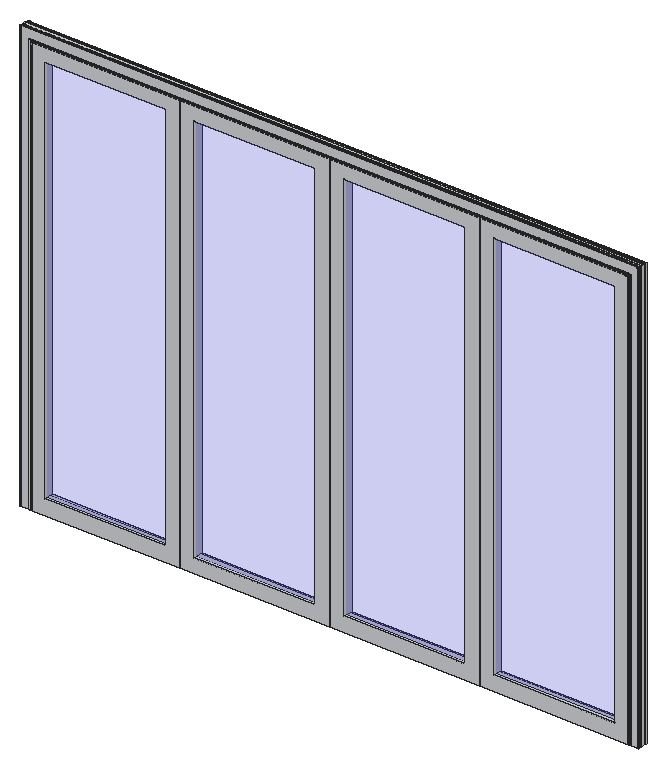
Revit family "Folding-Doors_Series-9200_4-Panel_All-Weather", category Doors, host Wall, Revit 2026
Family settings
  Host = Wall
  Classification Number = 23.30.10.14.11
  Always vertical = Yes
  Cut with Voids When Loaded = No
  Shared = No
  Room Calculation Point = No
Parameters (values of type "081316_4461-118")
  Wind Load = ""
  Water Penetration = ""
  Stop Depth = 0' - 0 5/8"
  Sound Transmission Class (STC) = 0
  Panel Type [instance] = Door-Panel_Galaxy-Metal-Doors_Flush : Door-Panel_Galaxy-Metal-Doors_Flush
  Panel Height = Height  # 9' - 10"
  Hardware Finish = Metal - Steel
  Handle Type [instance] = Handle_Generic Lever : Handle_Generic Lever
  Handle Height [instance] = 3' - 0"
  Function = Interior
  Frame Width = 0' - 2 3/4"
  Frame Thickness = 0' - 6 1/8"
  Frame Finish = Metal - Stainless Steel
  Door Glazing = Glass - Clear
  Define Thermal Properties by = Schematic Type
  Building Code Conformance = ""
  Analytic Construction = "<None>"
  Air Infiltration = ""
  ASTM Conformance = ""
  Panel Width [instance] = Width / 4  # 3' - 6"
  Panel Material = Metal - Stainless Steel
  Warranty Duration (Years) = 0
  URL = ""
  Thickness = 0' - 2 5/8"
  Specification = ""
  Rough Width = 14' - 0"
  Rough Height = 9' - 10"
  R_Value = 0
  Product Properties = ""
  Maintenance Schedule (Months) = 0
  Installation Phase = ""
  Model = ""
  Manufacturer = ""
  Keynote = ""
  Height = 9' - 10"
  Wall Closure = By host
  Width = 14' - 0"
  Fire Rating = ""
  Expected Lifespan (Years) = 0
  Drawn By = ""
  Description = ""
  Copyright = ""
  Building Codes = ""
  Assembly Code = ""
  ADA Compliant = yes
  AAMA Designation = ""
Types (3): name | Panel Height | Rough Height | Height
  081316_4461-116 | 9' - 8" | 9' - 8" | 9' - 8"
  081316_4461-117 | 9' - 9" | 9' - 9" | 9' - 9"
  081316_4461-118 | 9' - 10" | 9' - 10" | 9' - 10"
Reference planes (in)
  plane 1 "Center (Front/Back)": y = -33.9622458
  plane 2 "Center (Left/Right)": x = 62.2870353
  plane 3: z = 0
  plane 4 "Right": x = 149.0370353
  plane 5 "Left": x = -24.4629647
  plane 6 "Closure": y = -35.9622458
  plane 7: z = 0
  plane 8 "Top of Frame": z = 120.75
  plane 9 "RO Top": z = 120.75
  plane 10 "RO Right": x = 149.0370353
  plane 11 "RO Left": x = -24.4629647
  plane 12 "Frame Ext": y = -30.8997458
  plane 13 "Frame Int": y = -37.0247458
  plane 14: x = 146.2870353
  plane 15: z = 118
  plane 16: x = -21.7129647
  plane 17: y = -32.6497458
  plane 18: z = 36
  plane 19: y = -35.2747458
  plane 20: x = 104.2870353
  plane 21: x = 20.2870353
  plane 22: x = 62.2870353
Forms (in)
  Sweep 1, solid
    path origin (0, -33.9622458, 0) x (1, 0, 0) y (0, 0, 1)
      loop
        line (149.0370353, 0) -> (149.0370353, 120.75) -> (-24.4629647, 120.75) -> (-24.4629647, 0)
    profile "Door Frame : Door Frame" origin (149.0370353, -33.9622458, 60.375) x (-1, 0, 0) y (0, -1, 0)
      loop
        line (0.2391641, -0.4307106) -> (0.2391641, -1.3256625) -> (2.2433591, -1.3256625) -> (2.2433591, -0.4307106) -> (0.2391641, -0.4307106)
      loop
        line (0.366813, 0.3819435) -> (0.366813, -0.3704412) -> (2.1157101, -0.3704412) -> (2.1157101, 0.3819435) -> (0.366813, 0.3819435)
      loop
        line (0.2391641, 1.3371648) -> (0.2391641, 0.4422129) -> (2.2433591, 0.4422129) -> (2.2433591, 1.3371648) -> (0.2391641, 1.3371648)
      loop
        arc (2.5098198, -1.3878452) -> (2.6947692, -1.2061529) -> (2.8411272, -0.9921489) r 1.3354931
        line (2.8411272, -0.9921489) -> (2.8411272, -0.6293698) -> (2.7215451, -0.6293698) -> (2.7215451, 0.6393364) -> (2.7932942, 0.6393364)
        arc (2.7932942, 0.6393364) -> (2.8271171, 0.6533463) -> (2.8411272, 0.6871692) r 0.0478328
        line (2.8411272, 0.6871692) -> (2.8411272, 1.0561446) -> (2.9480021, 1.2087779)
        arc (2.9480021, 1.2087779) -> (2.9906082, 1.1620347) -> (3.0515119, 1.1790916) r 0.0602693
        line (3.0515119, 1.1790916) -> (3.1506228, 1.3206366)
        arc (3.1506228, 1.3206366) -> (3.1402686, 1.4384621) -> (3.0232401, 1.4213047) r 0.0813158
        line (3.0232401, 1.4213047) -> (2.8391835, 1.1584453)
        arc (2.8391835, 1.1584453) -> (2.7907088, 1.1327517) -> (2.7414924, 1.1569944) r 0.0602693
        arc (2.7414924, 1.1569944) -> (2.6323713, 1.2855617) -> (2.5079133, 1.3993475) r 1.3350353
        line (2.5079133, 1.3993475) -> (0, 1.3993475) -> (0, 1.2484585) -> (0.0640959, 1.1946755) -> (0.0640959, 1.3371648) -> (0.1788947, 1.3371648) -> (0.1788947, 0.3661586) -> (0.0640959, 0.3661586) -> (0.0640959, 0.5086479) -> (0, 0.454865) -> (0, -0.4433627) -> (0.0640959, -0.4971456) -> (0.0640959, -0.3546563) -> (0.1788947, -0.3546563) -> (0.1788947, -1.3256625) -> (0.0640959, -1.3256625) -> (0.0640959, -1.1831732) -> (0, -1.2369562) -> (0, -1.3878452) -> (2.5098198, -1.3878452)
Lines and regions (in)
  Opening 1
    outline origin (-109.3348504, -35.9622458, 0) x (1, 0, 0) y (0, 0, 1)
      loop
        line (84.8718858, 0) -> (258.3718858, 0) -> (258.3718858, 120.75) -> (84.8718858, 120.75) -> (84.8718858, 0)
Text (in)
  text "Exterior" at (10.575942, -7.1455413, 0), in view "A101 - Plan View"
  text "Interior" at (10.575942, -59.6002418, 0), in view "A101 - Plan View"
  text "Exterior" at (0, -17.9863844, 123.0158834), in view "Right"
  text "Interior" at (0, -64.3913889, 123.0158834), in view "Right"
  text "Interior" at (0, -52.0946821, 121.1409456), in view "Left"
  text "Exterior" at (0, 26.3532509, 123.0069277), in view "Left"
Dimensions and locks (in)
  equal spacing: plane 4 "Right", plane 2 "Center (Left/Right)", plane 5 "Left"
  locked: plane 5 "Left" to plane 11 "RO Left"
  locked: plane 10 "RO Right" to plane 4 "Right"
  locked: plane 9 "RO Top" to plane 8 "Top of Frame"
  "Frame Thickness": plane 12 "Frame Ext" to plane 13 "Frame Int"
  equal spacing: plane 12 "Frame Ext", plane 1 "Center (Front/Back)", plane 13 "Frame Int"
  "Frame Width": plane 5 "Left" to plane 16
  "Frame Width": plane 14 to plane 4 "Right"
  "Frame Width": plane 15 to plane 8 "Top of Frame"
  "Width": plane 16 to plane 14
  "Height": level to plane 15
  "Handle Height": level to plane 18
  equal spacing: plane 17, plane 1 "Center (Front/Back)", plane 19
  "Thickness": plane 17 to plane 19
  equal spacing: plane 16, plane 21, plane 22, plane 20, plane 14
  aligned and locked: host wall to plane 1 "Center (Front/Back)"
  aligned and locked: host wall to plane 6 "Closure"
  aligned and locked: nested 1 to plane 16
  aligned and locked: Sweep 1 sketch curve to plane 11 "RO Left"
  aligned and locked: nested 1 to plane 19
  aligned and locked: nested 3 to plane 14
  aligned and locked: nested 2 to plane 21
  aligned and locked: plane 2 "Center (Left/Right)" to nested 4
Automatic sketch dimensions
  Opening 1 sketch curve to plane 9 "RO Top" = 0' - 0"
  Opening 1 sketch curve to plane 11 "RO Left" = 0' - 0"
  Opening 1 sketch curve to plane 10 "RO Right" = 0' - 0"
  Opening 1 sketch curve to level = 0' - 0"
  Sweep 1 sketch curve to level = 0' - 0"  (x2)
  Sweep 1 sketch curve to plane 8 "Top of Frame" = 0' - 0"
  plane 4 "Right" to Sweep 1 sketch curve = 0' - 0"
Nested families (in)
  nested 1: "Door-Panel_Galaxy-Metal-Doors_B" at (-0.7129647, -33.9622458, 0) x (-1, 0, 0) z (0, 0, 1), Panel Material <- "Panel Material", Width <- "Panel Width", Thickness <- "Thickness", Height <- "Panel Height", Door Glazing <- "Door Glazing", type "Door-Panel_Galaxy-Metal-Doors_B"
    with offset 0' - 0", Width 3' - 6", Thickness 0' - 2 5/8", Panel Material Metal - Stainless Steel, Height 9' - 10", Door Glazing Glass - Clear
  nested 2: "Door-Panel_Galaxy-Metal-Doors_B" at (41.2870353, -33.9622458, 0) x (-1, 0, 0) z (0, 0, 1), Panel Material <- "Panel Material", Width <- "Panel Width", Thickness <- "Thickness", Height <- "Panel Height", Door Glazing <- "Door Glazing", type "Door-Panel_Galaxy-Metal-Doors_B"
    with offset 0' - 0", Width 3' - 6", Thickness 0' - 2 5/8", Panel Material Metal - Stainless Steel, Height 9' - 10", Door Glazing Glass - Clear
  nested 3: "Door-Panel_Galaxy-Metal-Doors_B" at (125.2870353, -33.9622458, 0) x (-1, 0, 0) z (0, 0, 1), Panel Material <- "Panel Material", Width <- "Panel Width", Thickness <- "Thickness", Height <- "Panel Height", Door Glazing <- "Door Glazing", type "Door-Panel_Galaxy-Metal-Doors_B"
    with offset 0' - 0", Width 3' - 6", Thickness 0' - 2 5/8", Panel Material Metal - Stainless Steel, Height 9' - 10", Door Glazing Glass - Clear
  nested 4: "Door-Panel_Galaxy-Metal-Doors_B" at (83.2870353, -33.9622458, 0) x (-1, 0, 0) z (0, 0, 1), Panel Material <- "Panel Material", Width <- "Panel Width", Thickness <- "Thickness", Height <- "Panel Height", Door Glazing <- "Door Glazing", type "Door-Panel_Galaxy-Metal-Doors_B"
    with offset 0' - 0", Width 3' - 6", Thickness 0' - 2 5/8", Panel Material Metal - Stainless Steel, Height 9' - 10", Door Glazing Glass - Clear
Definition of nested family "Door-Panel_Galaxy-Metal-Doors_B"
  Parameters (values of type "Door-Panel_Galaxy-Metal-Doors_B")
    offset [instance] = 0' - 0"
    Width [instance] = 3' - 0"
    Warranty Duration (Years) = 0
    URL = "galaxymetalproducts.com"
    Thickness [instance] = 0' - 2 5/8"
    Specification = "http://www.arcat.com/sd/clients/galaxyme.html?coid=48404"
    SpecWizard = ""
    Send Message = "http://www.arcat.com/arcatcos/cos48/arc48404.html"
    Sales Information = "http://www.republicdoor.com/contacts.htm"
    Revision = "R1_04-2017"
    Product Properties = ""
    Product Data = "http://www.arcat.com/arcatcos/cos35/arc35153.html?isac=1&r=1"
    Panel Material [instance] = none
    Model = "As Specified"
    Manufacturer Website = "http://galaxymetalproducts.com/"
    Manufacturer Phone - Toll Free = "800-294-8199"
    Manufacturer Phone = "800-294-8199"
    Manufacturer Fax = ""
    Manufacturer Address = "2960 Woodbridge Ave. Edison, NJ 08837"
    Manufacturer = "Galaxy Metal Products, LLC"
    Maintenance Schedule (Months) = 0
    Keynote = ""
    Installation-Fabrication = ""
    Installation Phase = ""
    Height [instance] = 8' - 0"
    Green Building-LEED = "http://www.arcat.com/green/clients/leed_data_48404.html"
    Function = (empty or 0)
    Expected Lifespan (Years) = 0
    Drawn By = "Sumex Design, Inc. / Robert S. Weygant, CSI, CDT, SCIP"
    Door Glazing [instance] = none
    Description = ""
    Define Thermal Properties by = 1
    Copyright = "©Arcat Inc."
    Construction Details = "http://www.arcat.com/details/galaxyme/prod3845.html"
    Assembly Code = ""
  Reference planes (in)
    plane 1 "Center (Front/Back)": y = 0
    plane 2 "Bottom": z = 0
    plane 3 "Center (Left/Right)": x = 0
    plane 4 "Front": y = -1.3125
    plane 5 "Back": y = 1.3125
    plane 6 "Left": x = -18
    plane 7 "Right": x = 18
    plane 8 "Top": z = 96
    plane 9: z = 48
    plane 10 "2": x = -13.9749191
    plane 11 "4": x = 13.9749191
    plane 12: z = 0
    plane 13: z = 0
    plane 14 "5": z = 91.9050794
    plane 15: y = -0.6324337
    plane 16: y = 0.6324337
  Forms (in)
    Extrusion 1, solid
      sketch origin (0, 0, 0) x (1, 0, 0) y (0, 1, 0)
        loop
          line (-13.9749191, -0.6324337) -> (13.9749191, -0.6324337) -> (13.9749191, 0.6324337) -> (-13.9749191, 0.6324337) -> (-13.9749191, -0.6324337)
      from 4.0949206 to 91.9050794
    Extrusion 2, solid
      sketch origin (-13.9749191, -0.6324337, 0) x (1, 0, 0) y (0, 0, 1)
        loop
          line (-4.0250809, 0) -> (31.9749191, 0) -> (31.9749191, 96) -> (-4.0250809, 96) -> (-4.0250809, 0)
        loop
          line (0, 4.0949206) -> (27.9498382, 4.0949206) -> (27.9498382, 91.9050794) -> (0, 91.9050794) -> (0, 4.0949206)
      from -1.9449337 to 0.6800663
  Lines and regions (in)
    symbolic lines
      curve 1: line (18, 1.3125, 0) -> (15.375, 1.3125, 0)
  Dimensions and locks (in)
    equal spacing: plane 6 "Left", plane 3 "Center (Left/Right)", plane 7 "Right"
    "Width": plane 6 "Left" to plane 7 "Right"
    equal spacing: plane 5 "Back", plane 1 "Center (Front/Back)", plane 4 "Front"
    "Thickness": plane 5 "Back" to plane 4 "Front"
    "Height": plane 8 "Top" to plane 2 "Bottom"
    equal spacing: plane 8 "Top", plane 9, level
    locked: plane 6 "Left" to plane 10 "2" at 4.0250809
    locked: plane 11 "4" to plane 7 "Right" at 4.0250809
    plane 13 to level = 0' - 0"
    locked: plane 8 "Top" to plane 14 "5" at 4.0949206
    equal spacing: plane 16, plane 1 "Center (Front/Back)", plane 15, locked at 0.6324337 each
    aligned and locked: plane 2 "Bottom" to level
    aligned and locked: Extrusion 1 to plane 10 "2"
    aligned and locked: Extrusion 1 to plane 11 "4"
    aligned and locked: plane 8 "Top" to Extrusion 2 sketch curve
    aligned and locked: Extrusion 2 sketch curve to plane 6 "Left"
    aligned and locked: plane 7 "Right" to Extrusion 2 sketch curve
    aligned and locked: plane 13 to Extrusion 2 sketch curve
    aligned and locked: Extrusion 1 to Extrusion 2
    aligned and locked: Extrusion 2 to plane 5 "Back"
    aligned and locked: Extrusion 2 to plane 4 "Front"
    aligned and locked: Extrusion 2 sketch curve to plane 14 "5"
    aligned and locked: Extrusion 1 to plane 15
    aligned and locked: Extrusion 1 to plane 16
  Automatic sketch dimensions
    plane 1 "Center (Front/Back)" to Extrusion 1 sketch curve = 0' - 0.63243"
    Extrusion 1 sketch curve to plane 3 "Center (Left/Right)" = 1' - 1.97492"
    plane 3 "Center (Left/Right)" to Extrusion 1 sketch curve = 1' - 1.97492"
    Extrusion 1 sketch curve to plane 5 "Back" = 0' - 0.68007"
    Extrusion 2 sketch curve to Extrusion 1 = 0' - 0"  (x2)
    Extrusion 1 to Extrusion 2 sketch curve = 0' - 0"
    curve 1 to plane 11 "4" = 0' - 1.40008"
    plane 5 "Back" to curve 1 = 0' - 0"
    curve 1 to plane 7 "Right" = 0' - 0"
